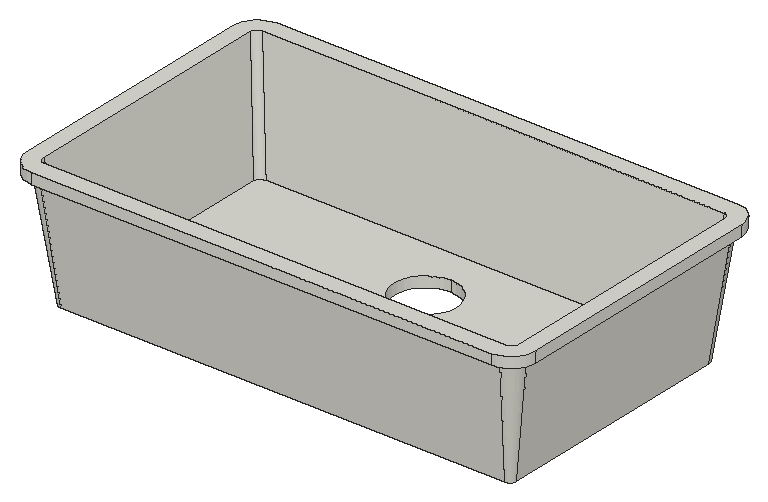
Revit family "Sink-Corian-European-Spicy-966", category Plumbing Fixtures, host Face, Revit 2015
Parameters (values of type "966")
  Width = 750 mm
  WFU = 0
  Version = "2015 - v1.0b"  # constant formula
  URL = "http://www.corian.uk/-the-complete-residential-surfaces-solutions-"
  Sink Colors Available = "Bone, Cameo White, Designer White, Glacier White, Vanilla"
  Product Page URL = "http://www.corian.uk/-kitchen-sinks-"
  Model = "Spicy 966"  # constant formula
  Manufacturer = "DuPont"  # constant formula
  Length = 450.85 mm
  Interior Width = 701.2 mm
  Interior Length = 400.05 mm
  HWFU = 0
  Finish = Solid Surface Sink - DuPont - Bone
  Description = "Kitchen Sink Europe Specification"  # constant formula
  Depth = 175 mm
  Default Elevation = 1219.2 mm
  Cost = 0
  CWFU = 0
Reference planes
  plane 1 "Center (Front/Back)": y = 0
  plane 2: z = 0
  plane 3 "Center (Left/Right)": x = 0
  plane 4: y = 225.425
  plane 5: y = -225.425
  plane 6: x = -375
  plane 7: x = 375
  plane 8: z = -187
  plane 9: x = -350.6
  plane 10: x = 350.6
  plane 11: y = 200.025
  plane 12: y = -200.025
  plane 13 "NAME": z = -12
  plane 14: z = -189.8
  plane 15: z = -202.5
Forms (mm)
  Extrusion 1, void
    sketch origin (0, 0, 0) x (1, 0, 0) y (0, 1, 0)
      loop
        arc (-350.6, -190.025) -> (-347.671, -197.096) -> (-340.6, -200.025) r 10
        line (-340.6, -200.025) -> (340.6, -200.025)
        arc (340.6, -200.025) -> (347.671, -197.096) -> (350.6, -190.025) r 10
        line (350.6, -190.025) -> (350.6, 190.025)
        arc (350.6, 190.025) -> (347.671, 197.096) -> (340.6, 200.025) r 10
        line (340.6, 200.025) -> (-340.6, 200.025)
        arc (-340.6, 200.025) -> (-347.671, 197.096) -> (-350.6, 190.025) r 10
        line (-350.6, 190.025) -> (-350.6, -190.025)
    from -202.5 to 0
  Extrusion 2, void, detail levels medium+fine
    sketch origin (-322.065, -4572, -12) x (0, -1, 0) y (-1, 0, 0)
      loop
        circle (-4648.2, -322.065) r 46.038
    from 134.956 to 209.731
  Sweep 3, solid, material "Solid Surface Sink - DuPont - Bone" <- "Finish"
    path origin (0, 0, 0) x (1, 0, 0) y (0, 1, 0)
      loop
        line (339.4, 225.425) -> (-339.4, 225.425)
        arc (-339.4, 225.425) -> (-364.573, 214.998) -> (-375, 189.825) r 35.6
        line (-375, 189.825) -> (-375, -189.825)
        arc (-375, -189.825) -> (-364.573, -214.998) -> (-339.4, -225.425) r 35.6
        line (-339.4, -225.425) -> (339.4, -225.425)
        arc (339.4, -225.425) -> (364.573, -214.998) -> (375, -189.825) r 35.6
        line (375, -189.825) -> (375, 189.825)
        arc (375, 189.825) -> (364.573, 214.998) -> (339.4, 225.425) r 35.6
    profile origin (0, 225.425, 0) x (0, -1, 0) y (0, 0, 1)
      loop
        line (0, -12) -> (0, -27) -> (21.69, -27) -> (19.315, -12) -> (0, -12)
  SweptBlend 4, solid, material "Solid Surface Sink - DuPont - Bone" <- "Finish"
    path origin (0, 0, 0) x (0, 1, 0) y (0, 0, 1)
      loop
        line (0, -12) -> (0, -202.5)
    profile origin (0, 0, -12) x (1, 0, 0) y (0, 1, 0)
      loop
        arc (-363.6, -190.025) -> (-356.863, -206.288) -> (-340.6, -213.025) r 23
        line (-340.6, -213.025) -> (339.6, -213.025)
        arc (339.6, -213.025) -> (355.863, -206.288) -> (362.6, -190.025) r 23
        line (362.6, -190.025) -> (362.6, 189.825)
        arc (362.6, 189.825) -> (355.863, 206.088) -> (339.6, 212.825) r 23
        line (339.6, 212.825) -> (-340.6, 212.825)
        arc (-340.6, 212.825) -> (-356.863, 206.088) -> (-363.6, 189.825) r 23
        line (-363.6, 189.825) -> (-363.6, -190.025)
    end profile origin (0, 0, -202.5) x (1, 0, 0) y (0, 1, 0)
      loop
        arc (-337.6, -176.975) -> (-334.671, -184.046) -> (-327.6, -186.975) r 10
        line (-327.6, -186.975) -> (327.55, -186.975)
        arc (327.55, -186.975) -> (334.621, -184.046) -> (337.6, -176.975) r 10
        line (337.6, -176.975) -> (337.55, 177.025)
        arc (337.55, 177.025) -> (334.621, 184.096) -> (327.55, 187.025) r 10
        line (327.55, 187.025) -> (-327.6, 187.025)
        arc (-327.6, 187.025) -> (-334.671, 184.096) -> (-337.6, 177.025) r 10
        line (-337.6, 177.025) -> (-337.6, -176.975)
  SweptBlend 5, void
    path origin (0, 0, 0) x (0, 1, 0) y (0, 0, 1)
      loop
        line (0, -12) -> (0, -187)
    profile origin (0, 0, -12) x (1, 0, 0) y (0, 1, 0)
      loop
        arc (-350.6, -190.025) -> (-347.671, -197.096) -> (-340.6, -200.025) r 10
        line (-340.6, -200.025) -> (340.6, -200.025)
        arc (340.6, -200.025) -> (347.671, -197.096) -> (350.6, -190.025) r 10
        line (350.6, -190.025) -> (350.6, 190.025)
        arc (350.6, 190.025) -> (347.671, 197.096) -> (340.6, 200.025) r 10
        line (340.6, 200.025) -> (-340.6, 200.025)
        arc (-340.6, 200.025) -> (-347.671, 197.096) -> (-350.6, 190.025) r 10
        line (-350.6, 190.025) -> (-350.6, -190.025)
    end profile origin (0, 0, -187) x (1, 0, 0) y (0, 1, 0)
      loop
        arc (-323.8, -163.175) -> (-320.871, -170.246) -> (-313.8, -173.175) r 10
        line (-313.8, -173.175) -> (313.75, -173.175)
        arc (313.75, -173.175) -> (320.821, -170.246) -> (323.8, -163.175) r 10
        line (323.8, -163.175) -> (323.75, 163.225)
        arc (323.75, 163.225) -> (320.821, 170.296) -> (313.75, 173.225) r 10
        line (313.75, 173.225) -> (-313.8, 173.225)
        arc (-313.8, 173.225) -> (-320.871, 170.296) -> (-323.8, 163.225) r 10
        line (-323.8, 163.225) -> (-323.8, -163.175)
Cuts and joins
  Extrusion 2, SweptBlend 5 cuts SweptBlend 4
  joined: Sweep 3, SweptBlend 4
Lines and regions (mm)
  Masking region 1
    outline origin (-322.065, -4572, -12) x (-1, 0, 0) y (0, -1, 0)
      loop
        arc (28.535, -4381.975) -> (25.606, -4374.904) -> (18.535, -4371.975) r 10
        line (18.535, -4371.975) -> (-662.665, -4371.975)
        arc (-662.665, -4371.975) -> (-669.736, -4374.904) -> (-672.665, -4381.975) r 10
        line (-672.665, -4381.975) -> (-672.665, -4762.025)
        arc (-672.665, -4762.025) -> (-669.736, -4769.096) -> (-662.665, -4772.025) r 10
        line (-662.665, -4772.025) -> (18.535, -4772.025)
        arc (18.535, -4772.025) -> (25.606, -4769.096) -> (28.535, -4762.025) r 10
        line (28.535, -4762.025) -> (28.535, -4381.975)
  Masking region 2, detail levels medium+fine
    outline origin (-322.065, -4572, -12) x (-1, 0, 0) y (0, -1, 0)
      loop
        circle (-322.065, -4648.2) r 46.038
  Masking region 3, detail levels fine
    outline origin (-322.065, -4572, -12) x (-1, 0, 0) y (0, -1, 0)
      loop
        arc (1.735, -4408.825) -> (-1.194, -4401.754) -> (-8.265, -4398.825) r 10
        line (-8.265, -4398.825) -> (-635.815, -4398.825)
        arc (-635.815, -4398.825) -> (-642.886, -4401.754) -> (-645.815, -4408.825) r 10
        line (-645.815, -4408.825) -> (-645.815, -4735.225)
        arc (-645.815, -4735.225) -> (-642.886, -4742.296) -> (-635.815, -4745.225) r 10
        line (-635.815, -4745.225) -> (-8.265, -4745.225)
        arc (-8.265, -4745.225) -> (-1.194, -4742.296) -> (1.735, -4735.225) r 10
        line (1.735, -4735.225) -> (1.735, -4408.825)
Dimensions and locks
  equal spacing: plane 4, plane 1 "Center (Front/Back)", plane 5
  equal spacing: plane 6, plane 3 "Center (Left/Right)", plane 7
  "Length": plane 4 to plane 5
  "Width": plane 6 to plane 7
  equal spacing: plane 9, plane 3 "Center (Left/Right)", plane 10
  equal spacing: plane 11, plane 1 "Center (Front/Back)", plane 12
  "Interior Width": plane 9 to plane 10
  "Interior Length": plane 11 to plane 12
  locked: plane 2 to plane 13 "NAME" at 12
  "Depth": plane 13 "NAME" to plane 8
  plane 13 "NAME" to plane 14 to plane 15 = 177.8 mm locked, 12.7 mm locked
  plane 6 to Sweep 3 sketch curve to Sweep 3 sketch curve = 35.6 mm locked, 0 mm locked
  Sweep 3 sketch curve to Sweep 3 sketch curve to plane 7 = 0 mm locked, 35.6 mm locked
  plane 4 to Sweep 3 sketch curve to Sweep 3 sketch curve = 35.6 mm locked, 0 mm locked
  Sweep 3 sketch curve to Sweep 3 sketch curve to plane 5 = 0 mm locked, 35.6 mm locked
  locked: plane 13 "NAME" to Sweep 3 sketch curve at 15
  plane 4 to Sweep 3 sketch curve to Sweep 3 sketch curve = 19.315 mm locked, 2.376 mm locked
  SweptBlend 5 sketch curve to SweptBlend 5 sketch curve to plane 12 = 0 mm locked, 10 mm locked
  plane 11 to SweptBlend 5 sketch curve to SweptBlend 5 sketch curve = 10 mm locked, 0 mm locked
  plane 9 to SweptBlend 5 sketch curve to SweptBlend 5 sketch curve = 10 mm locked, 0 mm locked
  SweptBlend 5 sketch curve to SweptBlend 5 sketch curve to plane 10 = 0 mm locked, 10 mm locked
  plane 11 to SweptBlend 5 sketch curve to SweptBlend 5 sketch curve to SweptBlend 5 sketch curve = 26.8 mm locked, 10 mm locked, 0 mm locked
  SweptBlend 5 sketch curve to SweptBlend 5 sketch curve to SweptBlend 5 sketch curve to plane 12 = 0 mm locked, 10 mm locked, 26.85 mm locked
  plane 9 to SweptBlend 5 sketch curve to SweptBlend 5 sketch curve to SweptBlend 5 sketch curve = 26.8 mm locked, 10 mm locked, 0 mm locked
  SweptBlend 5 sketch curve to SweptBlend 5 sketch curve to SweptBlend 5 sketch curve to plane 10 = 0 mm locked, 10.05 mm locked, 26.8 mm locked
  SweptBlend 4 sketch curve to plane 9 to SweptBlend 4 sketch curve to SweptBlend 4 sketch curve = 13 mm locked, 10 mm locked, 0 mm locked
  SweptBlend 4 sketch curve to SweptBlend 4 sketch curve to SweptBlend 4 sketch curve to plane 7 = 0 mm locked, 23 mm locked, 12.4 mm locked
  plane 4 to SweptBlend 4 sketch curve to SweptBlend 4 sketch curve to SweptBlend 4 sketch curve = 12.6 mm locked, 23 mm locked, 0 mm locked
  SweptBlend 4 sketch curve to SweptBlend 4 sketch curve to SweptBlend 4 sketch curve to plane 5 = 0 mm locked, 23 mm locked, 12.4 mm locked
  plane 11 to SweptBlend 4 sketch curve to SweptBlend 4 sketch curve to SweptBlend 4 sketch curve = 13 mm locked, 10 mm locked, 0 mm locked
  SweptBlend 4 sketch curve to SweptBlend 4 sketch curve to SweptBlend 4 sketch curve to plane 12 = 0 mm locked, 10 mm locked, 13.05 mm locked
  plane 9 to SweptBlend 4 sketch curve to SweptBlend 4 sketch curve to SweptBlend 4 sketch curve = 13 mm locked, 10 mm locked, 0 mm locked
  SweptBlend 4 sketch curve to SweptBlend 4 sketch curve to SweptBlend 4 sketch curve to plane 10 = 0 mm locked, 10.05 mm locked, 13 mm locked
  locked: plane 1 "Center (Front/Back)" to Extrusion 2 sketch curve at 76.2
  diameter of Extrusion 2 sketch curve = 92.075 mm
  aligned and locked: plane 2 to host face
  aligned and locked: level to host face
  aligned and locked: level to Extrusion 1
  aligned and locked: plane 3 "Center (Left/Right)" to Extrusion 2 sketch curve
  aligned and locked: plane 11 to Extrusion 1 sketch curve
  aligned and locked: Extrusion 1 sketch curve to plane 10
  aligned and locked: plane 12 to Extrusion 1 sketch curve
  aligned and locked: plane 9 to Extrusion 1 sketch curve
  aligned and locked: SweptBlend 4 sketch curve to plane 1 "Center (Front/Back)"
  aligned and locked: plane 13 "NAME" to SweptBlend 4 sketch curve
  aligned and locked: plane 15 to SweptBlend 4 sketch curve
  aligned and locked: SweptBlend 5 sketch curve to plane 1 "Center (Front/Back)"
  aligned and locked: plane 8 to SweptBlend 5 sketch curve
  aligned and locked: plane 13 "NAME" to SweptBlend 5 sketch curve
  aligned and locked: Extrusion 1 to plane 15
  aligned and locked: Sweep 3 sketch curve to plane 6
  aligned and locked: Sweep 3 sketch curve to plane 7
  aligned and locked: plane 4 to Sweep 3 sketch curve  (x2)
  aligned and locked: plane 5 to Sweep 3 sketch curve
  aligned and locked: Sweep 3 sketch curve to plane 13 "NAME"
  aligned and locked: SweptBlend 5 sketch curve to plane 10
  aligned and locked: plane 9 to SweptBlend 5 sketch curve
  aligned and locked: plane 11 to SweptBlend 5 sketch curve
  aligned and locked: plane 12 to SweptBlend 5 sketch curve
Automatic sketch dimensions
  host sketch curve to host sketch curve = 2438.4 mm  (x2)
  Masking region 2 sketch curve to Masking region 2 sketch curve = 0 mm  (x2)
  Masking region 2 sketch curve to plane 3 "Center (Left/Right)" = 0 mm
  Masking region 2 sketch curve to plane 1 "Center (Front/Back)" = 76.2 mm
  Masking region 2 sketch curve to Masking region 2 sketch curve = 46.038 mm
  plane 9 to Extrusion 1 sketch curve = 10 mm  (x2)
  Extrusion 1 sketch curve to plane 10 = 10 mm  (x2)
  Masking region 1 sketch curve to plane 10 = 0 mm
  Masking region 1 sketch curve to Masking region 1 sketch curve = 10 mm
  plane 9 to Masking region 1 sketch curve = 10 mm  (x2)
  plane 9 to Masking region 1 sketch curve = 0 mm
  SweptBlend 5 sketch curve to SweptBlend 5 sketch curve = 10 mm
  SweptBlend 5 sketch curve to SweptBlend 5 sketch curve = 0 mm
  SweptBlend 4 sketch curve to SweptBlend 4 sketch curve = 10 mm
  SweptBlend 4 sketch curve to SweptBlend 4 sketch curve = 0 mm
  Masking region 1 sketch curve to plane 12 = 0 mm
  Masking region 1 sketch curve to plane 10 = 10 mm
  Masking region 1 sketch curve to plane 11 = 0 mm
  Masking region 3 sketch curve to plane 10 = 26.85 mm
  Masking region 3 sketch curve to plane 11 = 26.8 mm
  plane 12 to Masking region 3 sketch curve = 26.85 mm
  plane 9 to Masking region 3 sketch curve = 26.8 mm
  Masking region 3 sketch curve to plane 10 = 36.85 mm  (x2)
  Masking region 3 sketch curve to Masking region 3 sketch curve = 10 mm
  plane 9 to Masking region 3 sketch curve = 36.8 mm
Connectors
  piping at (0, 76.2, -202.5), diameter 90
    settings: on cut or joined group of Extrusion 2, Sweep 3, SweptBlend 4, SweptBlend 5, index 1, connector inside diameter 24", connector length 0 mm, flow factor 0, pipe flow 0 GPM, pressure drop 0.00 psi, fitting loss kfactor 0, connector angle 0.00°, fixture units 0, engagement length 0 mm, angle of deflection 0.00°, flow configuration 0, flow direction 2, fitting loss method 0, system type 16, joint type 0, gender type 0, connector reference index -1, connector utility 0, adjustable connector no, is connector primary yes, connector description "Drain"
